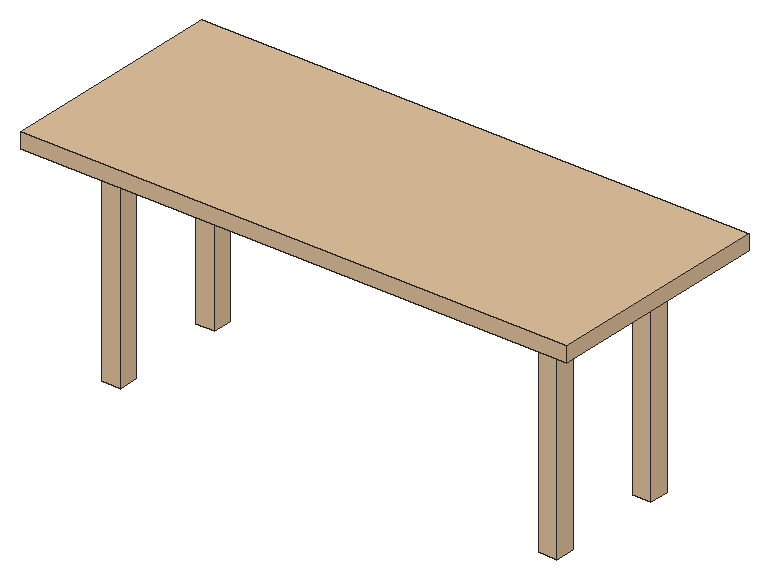
Revit family "M_Mesa-Retangular", category Mobiliário, Revit 2019
Family settings
  Número OmniClass = 23.40.20.14.17
  Título OmniClass = Residential Tables and Cabinets
  ID de item do Seek = Table-Rectangular-0000-CAN-ENU
  Com base no plano de trabalho = Não
  Sempre na vertical = Sim
  Corte com vazios quando carregada = Não
  Compartilhado = Sim
  Ponto de cálculo do ambiente = Não
Parameters (values of type "1830 x 0762mm")
  Material base = Bétula
  Altura = 762.00 mm
  Comprimento = 1830.00 mm
  Material superior = Bétula
  Largura = 762.00 mm
Types (4, lengths in mm): name | Comprimento | Largura
  (no name) | 1830.00 | 762.00
  1830 x 0762mm | 1830.00 | 762.00
  0915 x 0915mm | 915.00 | 915.00
  1525 x 1220mm | 1525.00 | 1220.00
Reference planes
  plane 1: y = 0
  plane 2: z = 0
  plane 3: x = 0
  plane 4: z = 762
  plane 5: y = 381
  plane 6: y = -381
  plane 7: x = 915
  plane 8: x = -915
Forms (mm)
  Extrusion 1, solid, material "Bétula" <- "Material base"
    sketch origin (-1112.692, -203.541, 0) x (1, 0, 0) y (0, 1, 0)
      loop
        line (350.092, 432.141) -> (350.092, 368.641) -> (413.592, 368.641) -> (413.592, 432.141) -> (350.092, 432.141)
      loop
        line (1875.292, 432.141) -> (1811.792, 432.141) -> (1811.792, 368.641) -> (1875.292, 368.641) -> (1875.292, 432.141)
      loop
        line (350.092, -25.059) -> (413.592, -25.059) -> (413.592, 38.441) -> (350.092, 38.441) -> (350.092, -25.059)
      loop
        line (1875.292, -25.059) -> (1875.292, 38.441) -> (1811.792, 38.441) -> (1811.792, -25.059) -> (1875.292, -25.059)
    from 0 to 711.2
  Extrusion 2, solid, material "Bétula" <- "Material superior"
    sketch origin (-601.422, -263.73, 0) x (1, 0, 0) y (0, 1, 0)
      loop
        line (-313.578, 644.73) -> (-313.578, -117.27) -> (1516.422, -117.27) -> (1516.422, 644.73) -> (-313.578, 644.73)
    from 711.2 to 762
  Extrusion 3, solid, material "Bétula" <- "Material base"
    sketch origin (-1112.692, -203.541, 0) x (1, 0, 0) y (0, 1, 0)
      loop
        line (413.592, 394.041) -> (413.592, 368.641) -> (1811.792, 368.641) -> (1811.792, 394.041) -> (413.592, 394.041)
      loop
        line (413.592, 13.041) -> (1811.792, 13.041) -> (1811.792, 38.441) -> (413.592, 38.441) -> (413.592, 13.041)
      loop
        line (375.492, 38.441) -> (400.892, 38.441) -> (400.892, 368.641) -> (375.492, 368.641) -> (375.492, 38.441)
      loop
        line (1849.892, 38.441) -> (1849.892, 368.641) -> (1824.492, 368.641) -> (1824.492, 38.441) -> (1849.892, 38.441)
    from 609.6 to 711.2
Lines and regions (mm)
  Masking region 1
    outline origin (0, 0, 0) x (1, 0, 0) y (0, 1, 0)
      loop
        line (-915, 381) -> (-915, -381) -> (915, -381) -> (915, 381) -> (-915, 381)
Dimensions and locks
  equal spacing: Extrusion 3 sketch curve, plane 3, Extrusion 3 sketch curve  (x3)
  equal spacing: Extrusion 3 sketch curve, plane 1, Extrusion 3 sketch curve  (x2)
  locked: Extrusion 3 sketch curve to Extrusion 3 sketch curve at 25.4  (x4)
  locked: Extrusion 1 sketch curve to Extrusion 1 sketch curve at 63.5  (x4)
  equal spacing: Extrusion 1 sketch curve, plane 1, Extrusion 1 sketch curve
  equal spacing: Extrusion 1 sketch curve, plane 3, Extrusion 1 sketch curve
  Extrusion 3 sketch curve to Extrusion 2 = 177.80 mm
  Extrusion 2 to Extrusion 3 sketch curve = 190.50 mm
  locked: Extrusion 2 to Extrusion 1 sketch curve at 152.4  (x2)
  Extrusion 3 sketch curve to Extrusion 3 sketch curve = 38.10 mm  (x2)
  Extrusion 3 sketch curve to Extrusion 3 sketch curve = 25.40 mm
  "Altura": plane 2 to plane 4
  locked: Extrusion 2 to Extrusion 2 at 50.8
  locked: Extrusion 3 to Extrusion 3 at 101.6
  "Comprimento": plane 8 to plane 7
  equal spacing: plane 8, plane 3, plane 7
  "Largura": plane 5 to plane 6
  equal spacing: plane 5, plane 1, plane 6
  aligned and locked: Extrusion 1 to level
  aligned and locked: Extrusion 1 sketch curve to Extrusion 1 sketch curve  (x9)
  aligned and locked: Extrusion 3 sketch curve to Extrusion 3 sketch curve  (x3)
  aligned and locked: Extrusion 2 to plane 4
  aligned and locked: Extrusion 3 to Extrusion 2
  aligned and locked: Extrusion 1 to Extrusion 2
  aligned and locked: Extrusion 2 sketch curve to plane 5
  aligned and locked: plane 8 to Extrusion 2 sketch curve
  aligned and locked: Extrusion 2 sketch curve to plane 6
  aligned and locked: plane 7 to Extrusion 2 sketch curve
  aligned and locked: plane 6 to Masking region 1 sketch curve
  aligned and locked: Masking region 1 sketch curve to plane 5
  aligned and locked: Masking region 1 sketch curve to plane 8
  aligned and locked: plane 7 to Masking region 1 sketch curve
